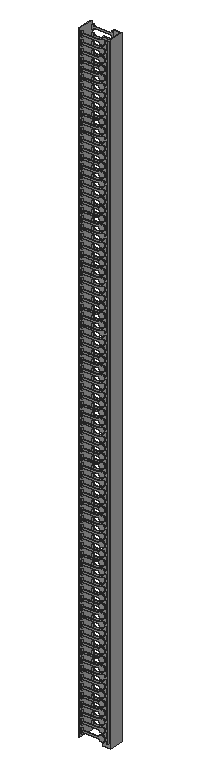
Revit family "ITK by ZPAS_Кабель-органайзер вертикальный_42U", category Обобщенные модели, Revit 2019 (continued)
Forms (mm)
  Extrusion 4, solid, material "Окраска - RAL 9005" <- "Материал", detail levels fine
    sketch origin (26.57, 3.968, 0) x (1, 0, 0) y (0, 0, 1)
      loop
          83.608) -> (-63.537, 688.608) -> (-13.537, 688.608) -> (-10, 683.608) -> (0, 683.608) -> (3.537, 688.608) -> (10, 688.608) -> (10, 670.38) -> (3.537, 670.38) -> (0, 675.38) -> (-10, 675.38) -> (-13.537, 670.38) -> (-63.537, 670.38) -> (-63.537, 675.38) -> (-70, 675.38) -> (-70, 660.38) -> (-63.537, 660.38) -> (-63.537, 665.38) -> (-13.537, 665.38) -> (-10, 660.38) -> (0, 660.38) -> (3.537, 665.38) -> (10, 665.38) -> (10, 647.152) -> (3.537, 647.152) -> (0, 652.152) -> (-10, 652.152) -> (-13.537, 647.152) -> (-63.537, 647.152) -> (-63.537, 652.152) -> (-70, 652.152) -> (-70, 637.152) -> (-63.537, 637.152) -> (-63.537, 642.152) -> (-13.537, 642.152) -> (-10, 637.152) -> (0, 637.152) -> (3.537, 642.152) -> (10, 642.152) -> (10, 623.924) -> (3.537, 623.924) -> (0, 628.924) -> (-10, 628.924) -> (-13.537, 623.924) -> (-63.537, 623.924) -> (-63.537, 628.924) -> (-70, 628.924) -> (-70, 613.924) -> (-63.537, 613.924) -> (-63.537, 618.924) -> (-13.537, 618.924) -> (-10, 613.924) -> (0, 613.924) -> (3.537, 618.924) -> (10, 618.924) -> (10, 600.696) -> (3.537, 600.696) -> (0, 605.696) -> (-10, 605.696) -> (-13.537, 600.696) -> (-63.537, 600.696) -> (-63.537, 605.696) -> (-70, 605.696) -> (-70, 590.696) -> (-63.537, 590.696) -> (-63.537, 595.696) -> (-13.537, 595.696) -> (-10, 590.696) -> (0, 590.696) -> (3.537, 595.696) -> (10, 595.696) -> (10, 577.468) -> (3.537, 577.468) -> (0, 582.468) -> (-10, 582.468) -> (-13.537, 577.468) -> (-63.537, 577.468) -> (-63.537, 582.468) -> (-70, 582.468) -> (-70, 567.468) -> (-63.537, 567.468) -> (-63.537, 572.468) -> (-13.537, 572.468) -> (-10, 567.468) -> (0, 567.468) -> (3.537, 572.468) -> (10, 572.468) -> (10, 554.241) -> (3.537, 554.241) -> (0, 559.241) -> (-10, 559.241) -> (-13.537, 554.241) -> (-63.537, 554.241) -> (-63.537, 559.241) -> (-70, 559.241) -> (-70, 544.241) -> (-63.537, 544.241) -> (-63.537, 549.241) -> (-13.537, 549.241) -> (-10, 544.241) -> (0, 544.241) -> (3.537, 549.241) -> (10, 549.241) -> (10, 531.013) -> (3.537, 531.013) -> (0, 536.013) -> (-10, 536.013) -> (-13.537, 531.013) -> (-63.537, 531.013) -> (-63.537, 536.013) -> (-70, 536.013) -> (-70, 521.013) -> (-63.537, 521.013) -> (-63.537, 526.013) -> (-13.537, 526.013) -> (-10, 521.013) -> (0, 521.013) -> (3.537, 526.013) -> (10, 526.013) -> (10, 507.785) -> (3.537, 507.785) -> (0, 512.785) -> (-10, 512.785) -> (-13.537, 507.785) -> (-63.537, 507.785) -> (-63.537, 512.785) -> (-70, 512.785) -> (-70, 497.785) -> (-63.537, 497.785) -> (-63.537, 502.785) -> (-13.537, 502.785) -> (-10, 497.785) -> (0, 497.785) -> (3.537, 502.785) -> (10, 502.785) -> (10, 484.557) -> (3.537, 484.557) -> (0, 489.557) -> (-10, 489.557) -> (-13.537, 484.557) -> (-63.537, 484.557) -> (-63.537, 489.557) -> (-70, 489.557) -> (-70, 474.557) -> (-63.537, 474.557) -> (-63.537, 479.557) -> (-13.537, 479.557) -> (-10, 474.557) -> (0, 474.557) -> (3.537, 479.557) -> (10, 479.557) -> (10, 461.329) -> (3.537, 461.329) -> (0, 466.329) -> (-10, 466.329) -> (-13.537, 461.329) -> (-63.537, 461.329) -> (-63.537, 466.329) -> (-70, 466.329) -> (-70, 451.329) -> (-63.537, 451.329) -> (-63.537, 456.329) -> (-13.537, 456.329) -> (-10, 451.329) -> (0, 451.329) -> (3.537, 456.329) -> (10, 456.329) -> (10, 438.101) -> (3.537, 438.101) -> (0, 443.101) -> (-10, 443.101) -> (-13.537, 438.101) -> (-63.537, 438.101) -> (-63.537, 443.101) -> (-70, 443.101) -> (-70, 428.101) -> (-63.537, 428.101) -> (-63.537, 433.101) -> (-13.537, 433.101) -> (-10, 428.101) -> (0, 428.101) -> (3.537, 433.101) -> (10, 433.101) -> (10, 414.873) -> (3.537, 414.873) -> (0, 419.873) -> (-10, 419.873) -> (-13.537, 414.873) -> (-63.537, 414.873) -> (-63.537, 419.873) -> (-70, 419.873) -> (-70, 404.873) -> (-63.537, 404.873) -> (-63.537, 409.873) -> (-13.537, 409.873) -> (-10, 404.873) -> (0, 404.873) -> (3.537, 409.873) -> (10, 409.873) -> (10, 391.646) -> (3.537, 391.646) -> (0, 396.646) -> (-10, 396.646) -> (-13.537, 391.646) -> (-63.537, 391.646) -> (-63.537, 396.646) -> (-70, 396.646) -> (-70, 381.646) -> (-63.537, 381.646) -> (-63.537, 386.646) -> (-13.537, 386.646) -> (-10, 381.646) -> (0, 381.646) -> (3.537, 386.646) -> (10, 386.646) -> (10, 368.418) -> (3.537, 368.418) -> (0, 373.418) -> (-10, 373.418) -> (-13.537, 368.418) -> (-63.537, 368.418) -> (-63.537, 373.418) -> (-70, 373.418) -> (-70, 358.418) -> (-63.537, 358.418) -> (-63.537, 363.418) -> (-13.537, 363.418) -> (-10, 358.418) -> (0, 358.418) -> (3.537, 363.418) -> (10, 363.418) -> (10, 345.19) -> (3.537, 345.19) -> (0, 350.19) -> (-10, 350.19) -> (-13.537, 345.19) -> (-63.537, 345.19) -> (-63.537, 350.19) -> (-70, 350.19) -> (-70, 335.19) -> (-63.537, 335.19) -> (-63.537, 340.19) -> (-13.537, 340.19) -> (-10, 335.19) -> (0, 335.19) -> (3.537, 340.19) -> (10, 340.19) -> (10, 321.962) -> (3.537, 321.962) -> (0, 326.962) -> (-10, 326.962) -> (-13.537, 321.962) -> (-63.537, 321.962) -> (-63.537, 326.962) -> (-70, 326.962) -> (-70, 311.962) -> (-63.537, 311.962) -> (-63.537, 316.962) -> (-13.537, 316.962) -> (-10, 311.962) -> (0, 311.962) -> (3.537, 316.962) -> (10, 316.962) -> (10, 298.734) -> (3.537, 298.734) -> (0, 303.734) -> (-10, 303.734) -> (-13.537, 298.734) -> (-63.537, 298.734) -> (-63.537, 303.734) -> (-70, 303.734) -> (-70, 288.734) -> (-63.537, 288.734) -> (-63.537, 293.734) -> (-13.537, 293.734) -> (-10, 288.734) -> (0, 288.734) -> (3.537, 293.734) -> (10, 293.734) -> (10, 275.506) -> (3.537, 275.506) -> (0, 280.506) -> (-10, 280.506) -> (-13.537, 275.506) -> (-63.537, 275.506) -> (-63.537, 280.506) -> (-70, 280.506) -> (-70, 265.506) -> (-63.537, 265.506) -> (-63.537, 270.506) -> (-13.537, 270.506) -> (-10, 265.506) -> (0, 265.506) -> (3.537, 270.506) -> (10, 270.506) -> (10, 252.278) -> (3.537, 252.278) -> (0, 257.278) -> (-10, 257.278) -> (-13.537, 252.278) -> (-63.537, 252.278) -> (-63.537, 257.278) -> (-70, 257.278) -> (-70, 242.278) -> (-63.537, 242.278) -> (-63.537, 247.278) -> (-13.537, 247.278) -> (-10, 242.278) -> (0, 242.278) -> (3.537, 247.278) -> (10, 247.278) -> (10, 229.051) -> (3.537, 229.051) -> (0, 234.051) -> (-10, 234.051) -> (-13.537, 229.051) -> (-63.537, 229.051) -> (-63.537, 234.051) -> (-70, 234.051) -> (-70, 219.051) -> (-63.537, 219.051) -> (-63.537, 224.051) -> (-13.537, 224.051) -> (-10, 219.051) -> (0, 219.051) -> (3.537, 224.051) -> (10, 224.051) -> (10, 205.823) -> (3.537, 205.823) -> (0, 210.823) -> (-10, 210.823) -> (-13.537, 205.823) -> (-63.537, 205.823) -> (-63.537, 210.823) -> (-70, 210.823) -> (-70, 195.823) -> (-63.537, 195.823) -> (-63.537, 200.823) -> (-13.537, 200.823) -> (-10, 195.823) -> (0, 195.823) -> (3.537, 200.823) -> (10, 200.823) -> (10, 182.595) -> (3.537, 182.595) -> (0, 187.595) -> (-10, 187.595) -> (-13.537, 182.595) -> (-63.537, 182.595) -> (-63.537, 187.595) -> (-70, 187.595) -> (-70, 172.595) -> (-63.537, 172.595) -> (-63.537, 177.595) -> (-13.537, 177.595) -> (-10, 172.595) -> (0, 172.595) -> (3.537, 177.595) -> (10, 177.595) -> (10, 159.367) -> (3.537, 159.367) -> (0, 164.367) -> (-10, 164.367) -> (-13.537, 159.367) -> (-63.537, 159.367) -> (-63.537, 164.367) -> (-70, 164.367) -> (-70, 149.367) -> (-63.537, 149.367) -> (-63.537, 154.367) -> (-13.537, 154.367) -> (-10, 149.367) -> (0, 149.367) -> (3.537, 154.367) -> (10, 154.367) -> (10, 136.139) -> (3.537, 136.139) -> (0, 141.139) -> (-10, 141.139) -> (-13.537, 136.139) -> (-63.537, 136.139) -> (-63.537, 141.139) -> (-70, 141.139) -> (-70, 126.139) -> (-63.537, 126.139) -> (-63.537, 131.139) -> (-13.537, 131.139) -> (-10, 126.139) -> (0, 126.139) -> (3.537, 131.139) -> (10, 131.139) -> (10, 112.911) -> (3.537, 112.911) -> (0, 117.911) -> (-10, 117.911) -> (-13.537, 112.911) -> (-63.537, 112.911) -> (-63.537, 117.911) -> (-70, 117.911) -> (-70, 102.911) -> (-63.537, 102.911) -> (-63.537, 107.911) -> (-13.537, 107.911) -> (-10, 102.911) -> (0, 102.911) -> (3.537, 107.911) -> (10, 107.911) -> (10, 89.684) -> (3.537, 89.684) -> (0, 94.684) -> (-10, 94.684) -> (-13.537, 89.684) -> (-63.537, 89.684) -> (-63.537, 94.684) -> (-70, 94.684) -> (-70, 79.
          684) -> (-63.537, 79.684) -> (-63.537, 84.684) -> (-13.537, 84.684) -> (-10, 79.684) -> (0, 79.684) -> (3.537, 84.684) -> (10, 84.684) -> (10, 66.456) -> (3.537, 66.456) -> (0, 71.456) -> (-10, 71.456) -> (-13.537, 66.456) -> (-63.537, 66.456) -> (-63.537, 71.456) -> (-70, 71.456) -> (-70, 56.456) -> (-63.537, 56.456) -> (-63.537, 61.456) -> (-13.537, 61.456) -> (-10, 56.456) -> (0, 56.456) -> (3.537, 61.456) -> (10, 61.456) -> (10, 43.228) -> (3.537, 43.228) -> (0, 48.228) -> (-10, 48.228) -> (-13.537, 43.228) -> (-63.537, 43.228) -> (-63.537, 48.228) -> (-70, 48.228) -> (-70, 33.228) -> (-63.537, 33.228) -> (-63.537, 38.228) -> (-13.537, 38.228) -> (-10, 33.228) -> (0, 33.228) -> (3.537, 38.228) -> (10, 38.228) -> (10, 20) -> (3.537, 20) -> (0, 25) -> (-10, 25) -> (-13.537, 20) -> (-63.537, 20) -> (-63.537, 25) -> (-70, 25) -> (-70, 10) -> (-63.537, 10) -> (-63.537, 15) -> (-13.537, 15) -> (-10, 10) -> (0, 10) -> (3.537, 15) -> (10, 15) -> (10, 10) -> (13.43, 10) -> (13.43, 1860) -> (10, 1860) -> (10, 1855) -> (3.537, 1855) -> (0, 1860) -> (-10, 1860) -> (-13.537, 1855) -> (-63.537, 1855) -> (-63.537, 1860) -> (-70, 1860) -> (-70, 1845) -> (-63.537, 1845) -> (-63.537, 1850)
    from 3.968 to 6
Dimensions and locks
  plane 5 to plane 1 "По центру (Вперед/Назад)" = 44.063 mm
  aligned and locked: level to plane 2
  aligned and locked: Extrusion 2 sketch curve to Extrusion 1  (x2)
  aligned and locked: Extrusion 2 sketch curve to plane 5
  aligned and locked: Extrusion 2 sketch curve to plane 7
Types (2, lengths in mm): name | Материал | IEK_URL | ADSK_Наименование | ADSK_Код изделия
  В1866,9_Черный | Окраска - RAL 9005 | "https://www.itk-group.ru/produktsiya/catalog/oborudovanie_telekommunikatsionnoe/kompleksnye_resheniya_dlya_tsod/shkafy_i_aksessuary_dlya_tsod/komplektuyushchie_i_aksessuary_dlya_shkafov_itk_by_zpas/kabelnye_organizatory_itk_by_zpas/itk_by_zpas_kabel_organayzer_vertikalnyy_42u_800_chernyy" | "ITK by ZPAS Кабель-органайзер вертикальный 42U 800 черный" | "ZP-CC05-42U-V-0800"
  В1866,9_Серый | Окраска - RAL 7035 | "https://www.itk-group.ru/produktsiya/catalog/oborudovanie_telekommunikatsionnoe/kompleksnye_resheniya_dlya_tsod/shkafy_i_aksessuary_dlya_tsod/komplektuyushchie_i_aksessuary_dlya_shkafov_itk_by_zpas/kabelnye_organizatory_itk_by_zpas/itk_by_zpas_kabel_organayzer_vertikalnyy_42u_800mm_seryy" | "ITK by ZPAS Кабель-органайзер вертикальный 42U 800 серый" | "ZP-CC35-42U-V-0800"
